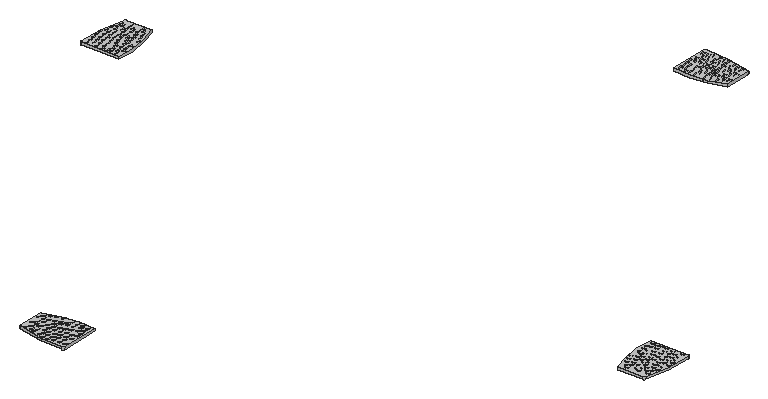
Revit family "PS-C63RT z", category Generic Models, host Ceiling, Revit 2016
Family settings
  Host = Ceiling
  Part Type = Normal
  Can host rebar = No
  Round Connector Dimension = Use Diameter
  Work Plane-Based = No
  Always vertical = Yes
  Cut with Voids When Loaded = No
  Shared = No
  Room Calculation Point = No
Parameters (values of type "Default")
  Width = "9.13"
  Weight Product = "9.38"
  Weight Dimensional = "16.18"
  Speaker Data Link = "https://www.sonance.com/assets/media/files/downloads/PS_C63RT_030447.gll"
  Sensitivity = "91"
  SPL Max = "108"
  Regulatory Compliance = "UL 1480, UL 2043, NFPA 90A, NFPA 70"
  Product Page URL = "https://www.sonance.com/professionalseries/psc63rt"
  Product Documentation Link = "https://www.sonance.com/assets/media/files/downloads/Pro_Series_Spec_Sheet_No_Pricing_040802.pdf"
  Power Peak = "120"
  Power Handling = "120"
  Part Number = "40131"
  Model = "PS-C63RT"
  Manufacturer URL = "https://www.sonance.com"
  Manufacturer = "Sonance"
  Low-Frequency Driver = "6.5” (165mm) Polypropylene Cone, Butyl Rubber Surround"
  Knockout = "one, side-mounted 0.75\""
  Input Connector = "Four pin Euroblock with loop output connections"
  Impedance = "8"
  High-Frequency Driver = "1” (25mm) Cloth Dome, Pivoting, Ferrofluid cooled"
  Height = "9.13"
  Grille = "Supplied with bezel-less white grille. Optional black grille, or square adapter with black or white grille"
  Frequency Range (-3dB) = "65Hz-20kHz"
  Frequency Range (-10dB) = "49Hz-25kHz"
  Directivity Factor (Q) = "6.5"
  Directivity (DI) = "7.9"
  Description = "6.5\" 2-way Round In-ceiling Speaker with 70V/100V transformer for commercial applications"
  Depth = "8.86"
  Coverage Vertical = "120"
  Coverage Horizontal = "120"
  70V Taps = "7.5, 15, 30, 60"
  100V Taps = "15, 30, 60"
Reference planes (in)
  plane 1 "Center (Front/Back)": y = 0
  plane 2 "Ceiling": z = 96
  plane 3 "Center (Left/Right)": x = 0
  plane 4 "a": z = 96.75591
Forms (in)
  Extrusion 1, solid, material "192-192-192-0-0.400000005960464_(1)"
    sketch origin (-0.53367, -0.0359, 96.75591) x (-0.139173, 0.990268, 0) y (-0.990268, -0.139173, 0)
      loop
        line (-3.49586, 1.10038) -> (-3.77918, 1.1402)
        arc (-3.77918, 1.1402) -> (-3.79607, 1.13774) -> (-3.8065, 1.12423) r 0.02274
        arc (-3.8065, 1.12423) -> (-3.90086, 0.87131) -> (-3.95126, 0.6061) r 1.59618
        arc (-3.95126, 0.6061) -> (-3.94934, 0.58863) -> (-3.93554, 0.57775) r 0.02274
        line (-3.93554, 0.57775) -> (-3.49658, 0.51605)
        arc (-3.49658, 0.51605) -> (-3.45664, 0.80817) -> (-3.49586, 1.10038) r 1.09806
      loop
        line (-3.86102, 0.84031) -> (-3.88604, 0.87071) -> (-3.89986, 0.83385) -> (-3.86102, 0.84031)
      loop
        line (-3.86444, 0.77812) -> (-3.88946, 0.80852) -> (-3.90328, 0.77166) -> (-3.86444, 0.77812)
      loop
        line (-3.86431, 0.71788) -> (-3.88933, 0.74828) -> (-3.90314, 0.71142) -> (-3.86431, 0.71788)
      loop
        line (-3.86153, 0.65524) -> (-3.88654, 0.68563) -> (-3.90036, 0.64877) -> (-3.86153, 0.65524)
      loop
        line (-3.86495, 0.59304) -> (-3.88996, 0.62344) -> (-3.90378, 0.58658) -> (-3.86495, 0.59304)
      loop
        line (-3.79006, 0.87065) -> (-3.81508, 0.90105) -> (-3.8289, 0.86419) -> (-3.79006, 0.87065)
      loop
        line (-3.80409, 0.81666) -> (-3.82911, 0.84706) -> (-3.84293, 0.81019) -> (-3.80409, 0.81666)
      loop
        line (-3.80751, 0.75447) -> (-3.83253, 0.78487) -> (-3.84635, 0.748) -> (-3.80751, 0.75447)
      loop
        line (-3.80738, 0.69423) -> (-3.8324, 0.72463) -> (-3.84622, 0.68776) -> (-3.80738, 0.69423)
      loop
        line (-3.8046, 0.63158) -> (-3.82962, 0.66198) -> (-3.84343, 0.62511) -> (-3.8046, 0.63158)
      loop
        line (-3.73955, 0.88841) -> (-3.76457, 0.91881) -> (-3.77838, 0.88195) -> (-3.73955, 0.88841)
      loop
        line (-3.7496, 0.83508) -> (-3.77462, 0.86548) -> (-3.78843, 0.82862) -> (-3.7496, 0.83508)
      loop
        line (-3.75302, 0.77289) -> (-3.77804, 0.80329) -> (-3.79185, 0.76643) -> (-3.75302, 0.77289)
      loop
        line (-3.75289, 0.71265) -> (-3.7779, 0.74305) -> (-3.79172, 0.70619) -> (-3.75289, 0.71265)
      loop
        line (-3.7501, 0.65) -> (-3.77512, 0.6804) -> (-3.78894, 0.64354) -> (-3.7501, 0.65)
      loop
        line (-3.75352, 0.58781) -> (-3.77854, 0.61821) -> (-3.79236, 0.58135) -> (-3.75352, 0.58781)
      loop
        line (-3.68171, 0.87157) -> (-3.70673, 0.90197) -> (-3.72055, 0.86511) -> (-3.68171, 0.87157)
      loop
        line (-3.69013, 0.8097) -> (-3.71515, 0.8401) -> (-3.72896, 0.80323) -> (-3.69013, 0.8097)
      loop
        line (-3.68973, 0.74492) -> (-3.71475, 0.77532) -> (-3.72856, 0.73845) -> (-3.68973, 0.74492)
      loop
        line (-3.68451, 0.68123) -> (-3.70952, 0.71163) -> (-3.72334, 0.67476) -> (-3.68451, 0.68123)
      loop
        line (-3.69318, 0.62635) -> (-3.7182, 0.65675) -> (-3.73201, 0.61988) -> (-3.69318, 0.62635)
      loop
        line (-3.62903, 0.90294) -> (-3.65405, 0.93334) -> (-3.66787, 0.89647) -> (-3.62903, 0.90294)
      loop
        line (-3.63999, 0.84279) -> (-3.66501, 0.87319) -> (-3.67883, 0.83632) -> (-3.63999, 0.84279)
      loop
        line (-3.63736, 0.78951) -> (-3.66238, 0.81991) -> (-3.6762, 0.78304) -> (-3.63736, 0.78951)
      loop
        line (-3.6261, 0.73473) -> (-3.65112, 0.76512) -> (-3.66493, 0.72826) -> (-3.6261, 0.73473)
      loop
        line (-3.61132, 0.6788) -> (-3.63634, 0.7092) -> (-3.65015, 0.67234) -> (-3.61132, 0.6788)
      loop
        line (-3.60578, 0.61611) -> (-3.6308, 0.64651) -> (-3.64462, 0.60965) -> (-3.60578, 0.61611)
      loop
        line (-3.59524, 0.8671) -> (-3.62026, 0.8975) -> (-3.63407, 0.86064) -> (-3.59524, 0.8671)
      loop
        line (-3.56947, 0.81177) -> (-3.59449, 0.84217) -> (-3.60831, 0.80531) -> (-3.56947, 0.81177)
      loop
        line (-3.55753, 0.75031) -> (-3.58255, 0.78071) -> (-3.59637, 0.74384) -> (-3.55753, 0.75031)
      loop
        line (-3.5459, 0.68785) -> (-3.57092, 0.71825) -> (-3.58474, 0.68138) -> (-3.5459, 0.68785)
      loop
        line (-3.53948, 0.61586) -> (-3.56691, 0.64919) -> (-3.58206, 0.60877) -> (-3.53948, 0.61586)
      loop
        line (-3.54954, 1.06351) -> (-3.57456, 1.09391) -> (-3.58838, 1.05705) -> (-3.54954, 1.06351)
      loop
        line (-3.5605, 1.00337) -> (-3.58552, 1.03377) -> (-3.59934, 0.9969) -> (-3.5605, 1.00337)
      loop
        line (-3.55788, 0.95009) -> (-3.58289, 0.98048) -> (-3.59671, 0.94362) -> (-3.55788, 0.95009)
      loop
        line (-3.54661, 0.8953) -> (-3.57163, 0.9257) -> (-3.58544, 0.88884) -> (-3.54661, 0.8953)
      loop
        line (-3.53183, 0.83938) -> (-3.55685, 0.86978) -> (-3.57066, 0.83291) -> (-3.53183, 0.83938)
      loop
        line (-3.52629, 0.77669) -> (-3.55131, 0.80709) -> (-3.56513, 0.77022) -> (-3.52629, 0.77669)
      loop
        line (-3.51575, 1.02768) -> (-3.54077, 1.05808) -> (-3.55458, 1.02121) -> (-3.51575, 1.02768)
      loop
        line (-3.48998, 0.97235) -> (-3.515, 1.00275) -> (-3.52882, 0.96588) -> (-3.48998, 0.97235)
      loop
        line (-3.47804, 0.91089) -> (-3.50306, 0.94129) -> (-3.51688, 0.90442) -> (-3.47804, 0.91089)
      loop
        line (-3.46641, 0.84842) -> (-3.49143, 0.87882) -> (-3.50525, 0.84196) -> (-3.46641, 0.84842)
      loop
        line (-3.66945, 1.06351) -> (-3.69447, 1.09391) -> (-3.70829, 1.05705) -> (-3.66945, 1.06351)
      loop
        line (-3.68041, 1.00337) -> (-3.70543, 1.03377) -> (-3.71924, 0.9969) -> (-3.68041, 1.00337)
      loop
        line (-3.67163, 0.93932) -> (-3.69665, 0.96972) -> (-3.71047, 0.93285) -> (-3.67163, 0.93932)
      loop
        line (-3.63566, 1.02768) -> (-3.66067, 1.05808) -> (-3.67449, 1.02121) -> (-3.63566, 1.02768)
      loop
        line (-3.60989, 0.97235) -> (-3.63491, 1.00275) -> (-3.64873, 0.96588) -> (-3.60989, 0.97235)
      loop
        line (-3.7685, 1.06351) -> (-3.79352, 1.09391) -> (-3.80734, 1.05705) -> (-3.7685, 1.06351)
      loop
        line (-3.77946, 1.00337) -> (-3.80448, 1.03377) -> (-3.8183, 0.9969) -> (-3.77946, 1.00337)
      loop
        line (-3.763, 0.94547) -> (-3.78801, 0.97587) -> (-3.80183, 0.939) -> (-3.763, 0.94547)
      loop
        line (-3.73471, 1.02768) -> (-3.75973, 1.05808) -> (-3.77355, 1.02121) -> (-3.73471, 1.02768)
      loop
        line (-3.70895, 0.97235) -> (-3.73396, 1.00275) -> (-3.74778, 0.96588) -> (-3.70895, 0.97235)
      loop
        line (-3.48679, 0.74001) -> (-3.51181, 0.77041) -> (-3.52562, 0.73354) -> (-3.48679, 0.74001)
      loop
        line (-3.49775, 0.67986) -> (-3.52277, 0.71026) -> (-3.53658, 0.67339) -> (-3.49775, 0.67986)
      loop
        line (-3.49512, 0.62658) -> (-3.52014, 0.65698) -> (-3.53396, 0.62011) -> (-3.49512, 0.62658)
      loop
        line (-3.68476, 0.57161) -> (-3.70978, 0.60201) -> (-3.7236, 0.56514) -> (-3.68476, 0.57161)
      loop
        line (-3.62702, 0.56198) -> (-3.65204, 0.59238) -> (-3.66586, 0.55551) -> (-3.62702, 0.56198)
      loop
        line (-3.58025, 0.56977) -> (-3.60527, 0.60017) -> (-3.61909, 0.5633) -> (-3.58025, 0.56977)
      loop
        line (-3.52242, 0.5593) -> (-3.54744, 0.5897) -> (-3.56126, 0.55284) -> (-3.52242, 0.5593)
      loop
        line (-3.82985, 0.89057) -> (-3.85487, 0.92097) -> (-3.86869, 0.8841) -> (-3.82985, 0.89057)
      loop
        line (-3.81355, 0.96385) -> (-3.83857, 0.99425) -> (-3.85239, 0.95738) -> (-3.81355, 0.96385)
    from 0.63976 to 0.66455
  Extrusion 2, solid, material "192-192-192-0-0.400000005960464_(1)"
    sketch origin (0.03699, -0.53359, 96.75591) x (-0.989981, -0.141199, 0) y (0.141199, -0.989981, 0)
      loop
        line (-3.49586, 1.10038) -> (-3.77918, 1.1402)
        arc (-3.77918, 1.1402) -> (-3.79607, 1.13774) -> (-3.8065, 1.12423) r 0.02274
        arc (-3.8065, 1.12423) -> (-3.90086, 0.87131) -> (-3.95126, 0.6061) r 1.59618
        arc (-3.95126, 0.6061) -> (-3.94934, 0.58863) -> (-3.93554, 0.57775) r 0.02274
        line (-3.93554, 0.57775) -> (-3.49658, 0.51605)
        arc (-3.49658, 0.51605) -> (-3.45664, 0.80817) -> (-3.49586, 1.10038) r 1.09806
      loop
        line (-3.86102, 0.84031) -> (-3.88604, 0.87071) -> (-3.89986, 0.83385) -> (-3.86102, 0.84031)
      loop
        line (-3.86444, 0.77812) -> (-3.88946, 0.80852) -> (-3.90328, 0.77166) -> (-3.86444, 0.77812)
      loop
        line (-3.86431, 0.71788) -> (-3.88933, 0.74828) -> (-3.90314, 0.71142) -> (-3.86431, 0.71788)
      loop
        line (-3.86153, 0.65524) -> (-3.88654, 0.68563) -> (-3.90036, 0.64877) -> (-3.86153, 0.65524)
      loop
        line (-3.86495, 0.59304) -> (-3.88996, 0.62344) -> (-3.90378, 0.58658) -> (-3.86495, 0.59304)
      loop
        line (-3.79006, 0.87065) -> (-3.81508, 0.90105) -> (-3.8289, 0.86419) -> (-3.79006, 0.87065)
      loop
        line (-3.80409, 0.81666) -> (-3.82911, 0.84706) -> (-3.84293, 0.81019) -> (-3.80409, 0.81666)
      loop
        line (-3.80751, 0.75447) -> (-3.83253, 0.78487) -> (-3.84635, 0.748) -> (-3.80751, 0.75447)
      loop
        line (-3.80738, 0.69423) -> (-3.8324, 0.72463) -> (-3.84622, 0.68776) -> (-3.80738, 0.69423)
      loop
        line (-3.8046, 0.63158) -> (-3.82962, 0.66198) -> (-3.84343, 0.62511) -> (-3.8046, 0.63158)
      loop
        line (-3.73955, 0.88841) -> (-3.76457, 0.91881) -> (-3.77838, 0.88195) -> (-3.73955, 0.88841)
      loop
        line (-3.7496, 0.83508) -> (-3.77462, 0.86548) -> (-3.78843, 0.82862) -> (-3.7496, 0.83508)
      loop
        line (-3.75302, 0.77289) -> (-3.77804, 0.80329) -> (-3.79185, 0.76643) -> (-3.75302, 0.77289)
      loop
        line (-3.75289, 0.71265) -> (-3.7779, 0.74305) -> (-3.79172, 0.70619) -> (-3.75289, 0.71265)
      loop
        line (-3.7501, 0.65) -> (-3.77512, 0.6804) -> (-3.78894, 0.64354) -> (-3.7501, 0.65)
      loop
        line (-3.75352, 0.58781) -> (-3.77854, 0.61821) -> (-3.79236, 0.58135) -> (-3.75352, 0.58781)
      loop
        line (-3.68171, 0.87157) -> (-3.70673, 0.90197) -> (-3.72055, 0.86511) -> (-3.68171, 0.87157)
      loop
        line (-3.69013, 0.8097) -> (-3.71515, 0.8401) -> (-3.72896, 0.80323) -> (-3.69013, 0.8097)
      loop
        line (-3.68973, 0.74492) -> (-3.71475, 0.77532) -> (-3.72856, 0.73845) -> (-3.68973, 0.74492)
      loop
        line (-3.68451, 0.68123) -> (-3.70952, 0.71163) -> (-3.72334, 0.67476) -> (-3.68451, 0.68123)
      loop
        line (-3.69318, 0.62635) -> (-3.7182, 0.65675) -> (-3.73201, 0.61988) -> (-3.69318, 0.62635)
      loop
        line (-3.62903, 0.90294) -> (-3.65405, 0.93334) -> (-3.66787, 0.89647) -> (-3.62903, 0.90294)
      loop
        line (-3.63999, 0.84279) -> (-3.66501, 0.87319) -> (-3.67883, 0.83632) -> (-3.63999, 0.84279)
      loop
        line (-3.63736, 0.78951) -> (-3.66238, 0.81991) -> (-3.6762, 0.78304) -> (-3.63736, 0.78951)
      loop
        line (-3.6261, 0.73473) -> (-3.65112, 0.76512) -> (-3.66493, 0.72826) -> (-3.6261, 0.73473)
      loop
        line (-3.61132, 0.6788) -> (-3.63634, 0.7092) -> (-3.65015, 0.67234) -> (-3.61132, 0.6788)
      loop
        line (-3.60578, 0.61611) -> (-3.6308, 0.64651) -> (-3.64462, 0.60965) -> (-3.60578, 0.61611)
      loop
        line (-3.59524, 0.8671) -> (-3.62026, 0.8975) -> (-3.63407, 0.86064) -> (-3.59524, 0.8671)
      loop
        line (-3.56947, 0.81177) -> (-3.59449, 0.84217) -> (-3.60831, 0.80531) -> (-3.56947, 0.81177)
      loop
        line (-3.55753, 0.75031) -> (-3.58255, 0.78071) -> (-3.59637, 0.74384) -> (-3.55753, 0.75031)
      loop
        line (-3.5459, 0.68785) -> (-3.57092, 0.71825) -> (-3.58474, 0.68138) -> (-3.5459, 0.68785)
      loop
        line (-3.53948, 0.61586) -> (-3.56691, 0.64919) -> (-3.58206, 0.60877) -> (-3.53948, 0.61586)
      loop
        line (-3.54954, 1.06351) -> (-3.57456, 1.09391) -> (-3.58838, 1.05705) -> (-3.54954, 1.06351)
      loop
        line (-3.5605, 1.00337) -> (-3.58552, 1.03377) -> (-3.59934, 0.9969) -> (-3.5605, 1.00337)
      loop
        line (-3.55788, 0.95009) -> (-3.58289, 0.98048) -> (-3.59671, 0.94362) -> (-3.55788, 0.95009)
      loop
        line (-3.54661, 0.8953) -> (-3.57163, 0.9257) -> (-3.58544, 0.88884) -> (-3.54661, 0.8953)
      loop
        line (-3.53183, 0.83938) -> (-3.55685, 0.86978) -> (-3.57066, 0.83291) -> (-3.53183, 0.83938)
      loop
        line (-3.52629, 0.77669) -> (-3.55131, 0.80709) -> (-3.56513, 0.77022) -> (-3.52629, 0.77669)
      loop
        line (-3.51575, 1.02768) -> (-3.54077, 1.05808) -> (-3.55458, 1.02121) -> (-3.51575, 1.02768)
      loop
        line (-3.48998, 0.97235) -> (-3.515, 1.00275) -> (-3.52882, 0.96588) -> (-3.48998, 0.97235)
      loop
        line (-3.47804, 0.91089) -> (-3.50306, 0.94129) -> (-3.51688, 0.90442) -> (-3.47804, 0.91089)
      loop
        line (-3.46641, 0.84842) -> (-3.49143, 0.87882) -> (-3.50525, 0.84196) -> (-3.46641, 0.84842)
      loop
        line (-3.66945, 1.06351) -> (-3.69447, 1.09391) -> (-3.70829, 1.05705) -> (-3.66945, 1.06351)
      loop
        line (-3.68041, 1.00337) -> (-3.70543, 1.03377) -> (-3.71924, 0.9969) -> (-3.68041, 1.00337)
      loop
        line (-3.67163, 0.93932) -> (-3.69665, 0.96972) -> (-3.71047, 0.93285) -> (-3.67163, 0.93932)
      loop
        line (-3.63566, 1.02768) -> (-3.66067, 1.05808) -> (-3.67449, 1.02121) -> (-3.63566, 1.02768)
      loop
        line (-3.60989, 0.97235) -> (-3.63491, 1.00275) -> (-3.64873, 0.96588) -> (-3.60989, 0.97235)
      loop
        line (-3.7685, 1.06351) -> (-3.79352, 1.09391) -> (-3.80734, 1.05705) -> (-3.7685, 1.06351)
      loop
        line (-3.77946, 1.00337) -> (-3.80448, 1.03377) -> (-3.8183, 0.9969) -> (-3.77946, 1.00337)
      loop
        line (-3.763, 0.94547) -> (-3.78801, 0.97587) -> (-3.80183, 0.939) -> (-3.763, 0.94547)
      loop
        line (-3.73471, 1.02768) -> (-3.75973, 1.05808) -> (-3.77355, 1.02121) -> (-3.73471, 1.02768)
      loop
        line (-3.70895, 0.97235) -> (-3.73396, 1.00275) -> (-3.74778, 0.96588) -> (-3.70895, 0.97235)
      loop
        line (-3.48679, 0.74001) -> (-3.51181, 0.77041) -> (-3.52562, 0.73354) -> (-3.48679, 0.74001)
      loop
        line (-3.49775, 0.67986) -> (-3.52277, 0.71026) -> (-3.53658, 0.67339) -> (-3.49775, 0.67986)
      loop
        line (-3.49512, 0.62658) -> (-3.52014, 0.65698) -> (-3.53396, 0.62011) -> (-3.49512, 0.62658)
      loop
        line (-3.68476, 0.57161) -> (-3.70978, 0.60201) -> (-3.7236, 0.56514) -> (-3.68476, 0.57161)
      loop
        line (-3.62702, 0.56198) -> (-3.65204, 0.59238) -> (-3.66586, 0.55551) -> (-3.62702, 0.56198)
      loop
        line (-3.58025, 0.56977) -> (-3.60527, 0.60017) -> (-3.61909, 0.5633) -> (-3.58025, 0.56977)
      loop
        line (-3.52242, 0.5593) -> (-3.54744, 0.5897) -> (-3.56126, 0.55284) -> (-3.52242, 0.5593)
      loop
        line (-3.82985, 0.89057) -> (-3.85487, 0.92097) -> (-3.86869, 0.8841) -> (-3.82985, 0.89057)
      loop
        line (-3.81355, 0.96385) -> (-3.83857, 0.99425) -> (-3.85239, 0.95738) -> (-3.81355, 0.96385)
    from 0.63976 to 0.66455
  Extrusion 3, solid, material "192-192-192-0-0.400000005960464_(1)"
    sketch origin (0.53355, 0.03767, 96.75591) x (0.14245, -0.989802, 0) y (0.989802, 0.14245, 0)
      loop
        line (-3.49586, 1.10038) -> (-3.77918, 1.1402)
        arc (-3.77918, 1.1402) -> (-3.79607, 1.13774) -> (-3.8065, 1.12423) r 0.02274
        arc (-3.8065, 1.12423) -> (-3.90086, 0.87131) -> (-3.95126, 0.6061) r 1.59618
        arc (-3.95126, 0.6061) -> (-3.94934, 0.58863) -> (-3.93554, 0.57775) r 0.02274
        line (-3.93554, 0.57775) -> (-3.49658, 0.51605)
        arc (-3.49658, 0.51605) -> (-3.45664, 0.80817) -> (-3.49586, 1.10038) r 1.09806
      loop
        line (-3.86102, 0.84031) -> (-3.88604, 0.87071) -> (-3.89986, 0.83385) -> (-3.86102, 0.84031)
      loop
        line (-3.86444, 0.77812) -> (-3.88946, 0.80852) -> (-3.90328, 0.77166) -> (-3.86444, 0.77812)
      loop
        line (-3.86431, 0.71788) -> (-3.88933, 0.74828) -> (-3.90314, 0.71142) -> (-3.86431, 0.71788)
      loop
        line (-3.86153, 0.65524) -> (-3.88654, 0.68563) -> (-3.90036, 0.64877) -> (-3.86153, 0.65524)
      loop
        line (-3.86495, 0.59304) -> (-3.88996, 0.62344) -> (-3.90378, 0.58658) -> (-3.86495, 0.59304)
      loop
        line (-3.79006, 0.87065) -> (-3.81508, 0.90105) -> (-3.8289, 0.86419) -> (-3.79006, 0.87065)
      loop
        line (-3.80409, 0.81666) -> (-3.82911, 0.84706) -> (-3.84293, 0.81019) -> (-3.80409, 0.81666)
      loop
        line (-3.80751, 0.75447) -> (-3.83253, 0.78487) -> (-3.84635, 0.748) -> (-3.80751, 0.75447)
      loop
        line (-3.80738, 0.69423) -> (-3.8324, 0.72463) -> (-3.84622, 0.68776) -> (-3.80738, 0.69423)
      loop
        line (-3.8046, 0.63158) -> (-3.82962, 0.66198) -> (-3.84343, 0.62511) -> (-3.8046, 0.63158)
      loop
        line (-3.73955, 0.88841) -> (-3.76457, 0.91881) -> (-3.77838, 0.88195) -> (-3.73955, 0.88841)
      loop
        line (-3.7496, 0.83508) -> (-3.77462, 0.86548) -> (-3.78843, 0.82862) -> (-3.7496, 0.83508)
      loop
        line (-3.75302, 0.77289) -> (-3.77804, 0.80329) -> (-3.79185, 0.76643) -> (-3.75302, 0.77289)
      loop
        line (-3.75289, 0.71265) -> (-3.7779, 0.74305) -> (-3.79172, 0.70619) -> (-3.75289, 0.71265)
      loop
        line (-3.7501, 0.65) -> (-3.77512, 0.6804) -> (-3.78894, 0.64354) -> (-3.7501, 0.65)
      loop
        line (-3.75352, 0.58781) -> (-3.77854, 0.61821) -> (-3.79236, 0.58135) -> (-3.75352, 0.58781)
      loop
        line (-3.68171, 0.87157) -> (-3.70673, 0.90197) -> (-3.72055, 0.86511) -> (-3.68171, 0.87157)
      loop
        line (-3.69013, 0.8097) -> (-3.71515, 0.8401) -> (-3.72896, 0.80323) -> (-3.69013, 0.8097)
      loop
        line (-3.68973, 0.74492) -> (-3.71475, 0.77532) -> (-3.72856, 0.73845) -> (-3.68973, 0.74492)
      loop
        line (-3.68451, 0.68123) -> (-3.70952, 0.71163) -> (-3.72334, 0.67476) -> (-3.68451, 0.68123)
      loop
        line (-3.69318, 0.62635) -> (-3.7182, 0.65675) -> (-3.73201, 0.61988) -> (-3.69318, 0.62635)
      loop
        line (-3.62903, 0.90294) -> (-3.65405, 0.93334) -> (-3.66787, 0.89647) -> (-3.62903, 0.90294)
      loop
        line (-3.63999, 0.84279) -> (-3.66501, 0.87319) -> (-3.67883, 0.83632) -> (-3.63999, 0.84279)
      loop
        line (-3.63736, 0.78951) -> (-3.66238, 0.81991) -> (-3.6762, 0.78304) -> (-3.63736, 0.78951)
      loop
        line (-3.6261, 0.73473) -> (-3.65112, 0.76512) -> (-3.66493, 0.72826) -> (-3.6261, 0.73473)
      loop
        line (-3.61132, 0.6788) -> (-3.63634, 0.7092) -> (-3.65015, 0.67234) -> (-3.61132, 0.6788)
      loop
        line (-3.60578, 0.61611) -> (-3.6308, 0.64651) -> (-3.64462, 0.60965) -> (-3.60578, 0.61611)
      loop
        line (-3.59524, 0.8671) -> (-3.62026, 0.8975) -> (-3.63407, 0.86064) -> (-3.59524, 0.8671)
      loop
        line (-3.56947, 0.81177) -> (-3.59449, 0.84217) -> (-3.60831, 0.80531) -> (-3.56947, 0.81177)
      loop
        line (-3.55753, 0.75031) -> (-3.58255, 0.78071) -> (-3.59637, 0.74384) -> (-3.55753, 0.75031)
      loop
        line (-3.5459, 0.68785) -> (-3.57092, 0.71825) -> (-3.58474, 0.68138) -> (-3.5459, 0.68785)
      loop
        line (-3.53948, 0.61586) -> (-3.56691, 0.64919) -> (-3.58206, 0.60877) -> (-3.53948, 0.61586)
      loop
        line (-3.54954, 1.06351) -> (-3.57456, 1.09391) -> (-3.58838, 1.05705) -> (-3.54954, 1.06351)
      loop
        line (-3.5605, 1.00337) -> (-3.58552, 1.03377) -> (-3.59934, 0.9969) -> (-3.5605, 1.00337)
      loop
        line (-3.55788, 0.95009) -> (-3.58289, 0.98048) -> (-3.59671, 0.94362) -> (-3.55788, 0.95009)
      loop
        line (-3.54661, 0.8953) -> (-3.57163, 0.9257) -> (-3.58544, 0.88884) -> (-3.54661, 0.8953)
      loop
        line (-3.53183, 0.83938) -> (-3.55685, 0.86978) -> (-3.57066, 0.83291) -> (-3.53183, 0.83938)
      loop
        line (-3.52629, 0.77669) -> (-3.55131, 0.80709) -> (-3.56513, 0.77022) -> (-3.52629, 0.77669)
      loop
        line (-3.51575, 1.02768) -> (-3.54077, 1.05808) -> (-3.55458, 1.02121) -> (-3.51575, 1.02768)
      loop
        line (-3.48998, 0.97235) -> (-3.515, 1.00275) -> (-3.52882, 0.96588) -> (-3.48998, 0.97235)
      loop
        line (-3.47804, 0.91089) -> (-3.50306, 0.94129) -> (-3.51688, 0.90442) -> (-3.47804, 0.91089)
      loop
        line (-3.46641, 0.84842) -> (-3.49143, 0.87882) -> (-3.50525, 0.84196) -> (-3.46641, 0.84842)
      loop
        line (-3.66945, 1.06351) -> (-3.69447, 1.09391) -> (-3.70829, 1.05705) -> (-3.66945, 1.06351)
      loop
        line (-3.68041, 1.00337) -> (-3.70543, 1.03377) -> (-3.71924, 0.9969) -> (-3.68041, 1.00337)
      loop
        line (-3.67163, 0.93932) -> (-3.69665, 0.96972) -> (-3.71047, 0.93285) -> (-3.67163, 0.93932)
      loop
        line (-3.63566, 1.02768) -> (-3.66067, 1.05808) -> (-3.67449, 1.02121) -> (-3.63566, 1.02768)
      loop
        line (-3.60989, 0.97235) -> (-3.63491, 1.00275) -> (-3.64873, 0.96588) -> (-3.60989, 0.97235)
      loop
        line (-3.7685, 1.06351) -> (-3.79352, 1.09391) -> (-3.80734, 1.05705) -> (-3.7685, 1.06351)
      loop
        line (-3.77946, 1.00337) -> (-3.80448, 1.03377) -> (-3.8183, 0.9969) -> (-3.77946, 1.00337)
      loop
        line (-3.763, 0.94547) -> (-3.78801, 0.97587) -> (-3.80183, 0.939) -> (-3.763, 0.94547)
      loop
        line (-3.73471, 1.02768) -> (-3.75973, 1.05808) -> (-3.77355, 1.02121) -> (-3.73471, 1.02768)
      loop
        line (-3.70895, 0.97235) -> (-3.73396, 1.00275) -> (-3.74778, 0.96588) -> (-3.70895, 0.97235)
      loop
        line (-3.48679, 0.74001) -> (-3.51181, 0.77041) -> (-3.52562, 0.73354) -> (-3.48679, 0.74001)
      loop
        line (-3.49775, 0.67986) -> (-3.52277, 0.71026) -> (-3.53658, 0.67339) -> (-3.49775, 0.67986)
      loop
        line (-3.49512, 0.62658) -> (-3.52014, 0.65698) -> (-3.53396, 0.62011) -> (-3.49512, 0.62658)
      loop
        line (-3.68476, 0.57161) -> (-3.70978, 0.60201) -> (-3.7236, 0.56514) -> (-3.68476, 0.57161)
      loop
        line (-3.62702, 0.56198) -> (-3.65204, 0.59238) -> (-3.66586, 0.55551) -> (-3.62702, 0.56198)
      loop
        line (-3.58025, 0.56977) -> (-3.60527, 0.60017) -> (-3.61909, 0.5633) -> (-3.58025, 0.56977)
      loop
        line (-3.52242, 0.5593) -> (-3.54744, 0.5897) -> (-3.56126, 0.55284) -> (-3.52242, 0.5593)
      loop
        line (-3.82985, 0.89057) -> (-3.85487, 0.92097) -> (-3.86869, 0.8841) -> (-3.82985, 0.89057)
      loop
        line (-3.81355, 0.96385) -> (-3.83857, 0.99425) -> (-3.85239, 0.95738) -> (-3.81355, 0.96385)
    from 0.63976 to 0.66455
  Extrusion 4, solid, material "192-192-192-0-0.400000005960464_(1)"
    sketch origin (-0.03686, 0.5336, 96.75591) x (0.990017, 0.140945, 0) y (-0.140945, 0.990017, 0)
      loop
        line (-3.49586, 1.10038) -> (-3.77918, 1.1402)
        arc (-3.77918, 1.1402) -> (-3.79607, 1.13774) -> (-3.8065, 1.12423) r 0.02274
        arc (-3.8065, 1.12423) -> (-3.90086, 0.87131) -> (-3.95126, 0.6061) r 1.59618
        arc (-3.95126, 0.6061) -> (-3.94934, 0.58863) -> (-3.93554, 0.57775) r 0.02274
        line (-3.93554, 0.57775) -> (-3.49658, 0.51605)
        arc (-3.49658, 0.51605) -> (-3.45664, 0.80817) -> (-3.49586, 1.10038) r 1.09806
      loop
        line (-3.86102, 0.84031) -> (-3.88604, 0.87071) -> (-3.89986, 0.83385) -> (-3.86102, 0.84031)
      loop
        line (-3.86444, 0.77812) -> (-3.88946, 0.80852) -> (-3.90328, 0.77166) -> (-3.86444, 0.77812)
      loop
        line (-3.86431, 0.71788) -> (-3.88933, 0.74828) -> (-3.90314, 0.71142) -> (-3.86431, 0.71788)
      loop
        line (-3.86153, 0.65524) -> (-3.88654, 0.68563) -> (-3.90036, 0.64877) -> (-3.86153, 0.65524)
      loop
        line (-3.86495, 0.59304) -> (-3.88996, 0.62344) -> (-3.90378, 0.58658) -> (-3.86495, 0.59304)
      loop
        line (-3.79006, 0.87065) -> (-3.81508, 0.90105) -> (-3.8289, 0.86419) -> (-3.79006, 0.87065)
      loop
        line (-3.80409, 0.81666) -> (-3.82911, 0.84706) -> (-3.84293, 0.81019) -> (-3.80409, 0.81666)
      loop
        line (-3.80751, 0.75447) -> (-3.83253, 0.78487) -> (-3.84635, 0.748) -> (-3.80751, 0.75447)
      loop
        line (-3.80738, 0.69423) -> (-3.8324, 0.72463) -> (-3.84622, 0.68776) -> (-3.80738, 0.69423)
      loop
        line (-3.8046, 0.63158) -> (-3.82962, 0.66198) -> (-3.84343, 0.62511) -> (-3.8046, 0.63158)
      loop
        line (-3.73955, 0.88841) -> (-3.76457, 0.91881) -> (-3.77838, 0.88195) -> (-3.73955, 0.88841)
      loop
        line (-3.7496, 0.83508) -> (-3.77462, 0.86548) -> (-3.78843, 0.82862) -> (-3.7496, 0.83508)
      loop
        line (-3.75302, 0.77289) -> (-3.77804, 0.80329) -> (-3.79185, 0.76643) -> (-3.75302, 0.77289)
      loop
        line (-3.75289, 0.71265) -> (-3.7779, 0.74305) -> (-3.79172, 0.70619) -> (-3.75289, 0.71265)
      loop
        line (-3.7501, 0.65) -> (-3.77512, 0.6804) -> (-3.78894, 0.64354) -> (-3.7501, 0.65)
      loop
        line (-3.75352, 0.58781) -> (-3.77854, 0.61821) -> (-3.79236, 0.58135) -> (-3.75352, 0.58781)
      loop
        line (-3.68171, 0.87157) -> (-3.70673, 0.90197) -> (-3.72055, 0.86511) -> (-3.68171, 0.87157)
      loop
        line (-3.69013, 0.8097) -> (-3.71515, 0.8401) -> (-3.72896, 0.80323) -> (-3.69013, 0.8097)
      loop
        line (-3.68973, 0.74492) -> (-3.71475, 0.77532) -> (-3.72856, 0.73845) -> (-3.68973, 0.74492)
      loop
        line (-3.68451, 0.68123) -> (-3.70952, 0.71163) -> (-3.72334, 0.67476) -> (-3.68451, 0.68123)
      loop
        line (-3.69318, 0.62635) -> (-3.7182, 0.65675) -> (-3.73201, 0.61988) -> (-3.69318, 0.62635)
      loop
        line (-3.62903, 0.90294) -> (-3.65405, 0.93334) -> (-3.66787, 0.89647) -> (-3.62903, 0.90294)
      loop
        line (-3.63999, 0.84279) -> (-3.66501, 0.87319) -> (-3.67883, 0.83632) -> (-3.63999, 0.84279)
      loop
        line (-3.63736, 0.78951) -> (-3.66238, 0.81991) -> (-3.6762, 0.78304) -> (-3.63736, 0.78951)
      loop
        line (-3.6261, 0.73473) -> (-3.65112, 0.76512) -> (-3.66493, 0.72826) -> (-3.6261, 0.73473)
      loop
        line (-3.61132, 0.6788) -> (-3.63634, 0.7092) -> (-3.65015, 0.67234) -> (-3.61132, 0.6788)
      loop
        line (-3.60578, 0.61611) -> (-3.6308, 0.64651) -> (-3.64462, 0.60965) -> (-3.60578, 0.61611)
      loop
        line (-3.59524, 0.8671) -> (-3.62026, 0.8975) -> (-3.63407, 0.86064) -> (-3.59524, 0.8671)
      loop
        line (-3.56947, 0.81177) -> (-3.59449, 0.84217) -> (-3.60831, 0.80531) -> (-3.56947, 0.81177)
      loop
        line (-3.55753, 0.75031) -> (-3.58255, 0.78071) -> (-3.59637, 0.74384) -> (-3.55753, 0.75031)
      loop
        line (-3.5459, 0.68785) -> (-3.57092, 0.71825) -> (-3.58474, 0.68138) -> (-3.5459, 0.68785)
      loop
        line (-3.53948, 0.61586) -> (-3.56691, 0.64919) -> (-3.58206, 0.60877) -> (-3.53948, 0.61586)
      loop
        line (-3.54954, 1.06351) -> (-3.57456, 1.09391) -> (-3.58838, 1.05705) -> (-3.54954, 1.06351)
      loop
        line (-3.5605, 1.00337) -> (-3.58552, 1.03377) -> (-3.59934, 0.9969) -> (-3.5605, 1.00337)
      loop
        line (-3.55788, 0.95009) -> (-3.58289, 0.98048) -> (-3.59671, 0.94362) -> (-3.55788, 0.95009)
      loop
        line (-3.54661, 0.8953) -> (-3.57163, 0.9257) -> (-3.58544, 0.88884) -> (-3.54661, 0.8953)
      loop
        line (-3.53183, 0.83938) -> (-3.55685, 0.86978) -> (-3.57066, 0.83291) -> (-3.53183, 0.83938)
      loop
        line (-3.52629, 0.77669) -> (-3.55131, 0.80709) -> (-3.56513, 0.77022) -> (-3.52629, 0.77669)
      loop
        line (-3.51575, 1.02768) -> (-3.54077, 1.05808) -> (-3.55458, 1.02121) -> (-3.51575, 1.02768)
      loop
        line (-3.48998, 0.97235) -> (-3.515, 1.00275) -> (-3.52882, 0.96588) -> (-3.48998, 0.97235)
      loop
        line (-3.47804, 0.91089) -> (-3.50306, 0.94129) -> (-3.51688, 0.90442) -> (-3.47804, 0.91089)
      loop
        line (-3.46641, 0.84842) -> (-3.49143, 0.87882) -> (-3.50525, 0.84196) -> (-3.46641, 0.84842)
      loop
        line (-3.66945, 1.06351) -> (-3.69447, 1.09391) -> (-3.70829, 1.05705) -> (-3.66945, 1.06351)
      loop
        line (-3.68041, 1.00337) -> (-3.70543, 1.03377) -> (-3.71924, 0.9969) -> (-3.68041, 1.00337)
      loop
        line (-3.67163, 0.93932) -> (-3.69665, 0.96972) -> (-3.71047, 0.93285) -> (-3.67163, 0.93932)
      loop
        line (-3.63566, 1.02768) -> (-3.66067, 1.05808) -> (-3.67449, 1.02121) -> (-3.63566, 1.02768)
      loop
        line (-3.60989, 0.97235) -> (-3.63491, 1.00275) -> (-3.64873, 0.96588) -> (-3.60989, 0.97235)
      loop
        line (-3.7685, 1.06351) -> (-3.79352, 1.09391) -> (-3.80734, 1.05705) -> (-3.7685, 1.06351)
      loop
        line (-3.77946, 1.00337) -> (-3.80448, 1.03377) -> (-3.8183, 0.9969) -> (-3.77946, 1.00337)
      loop
        line (-3.763, 0.94547) -> (-3.78801, 0.97587) -> (-3.80183, 0.939) -> (-3.763, 0.94547)
      loop
        line (-3.73471, 1.02768) -> (-3.75973, 1.05808) -> (-3.77355, 1.02121) -> (-3.73471, 1.02768)
      loop
        line (-3.70895, 0.97235) -> (-3.73396, 1.00275) -> (-3.74778, 0.96588) -> (-3.70895, 0.97235)
      loop
        line (-3.48679, 0.74001) -> (-3.51181, 0.77041) -> (-3.52562, 0.73354) -> (-3.48679, 0.74001)
      loop
        line (-3.49775, 0.67986) -> (-3.52277, 0.71026) -> (-3.53658, 0.67339) -> (-3.49775, 0.67986)
      loop
        line (-3.49512, 0.62658) -> (-3.52014, 0.65698) -> (-3.53396, 0.62011) -> (-3.49512, 0.62658)
      loop
        line (-3.68476, 0.57161) -> (-3.70978, 0.60201) -> (-3.7236, 0.56514) -> (-3.68476, 0.57161)
      loop
        line (-3.62702, 0.56198) -> (-3.65204, 0.59238) -> (-3.66586, 0.55551) -> (-3.62702, 0.56198)
      loop
        line (-3.58025, 0.56977) -> (-3.60527, 0.60017) -> (-3.61909, 0.5633) -> (-3.58025, 0.56977)
      loop
        line (-3.52242, 0.5593) -> (-3.54744, 0.5897) -> (-3.56126, 0.55284) -> (-3.52242, 0.5593)
      loop
        line (-3.82985, 0.89057) -> (-3.85487, 0.92097) -> (-3.86869, 0.8841) -> (-3.82985, 0.89057)
      loop
        line (-3.81355, 0.96385) -> (-3.83857, 0.99425) -> (-3.85239, 0.95738) -> (-3.81355, 0.96385)
    from 0.63976 to 0.66455
Lines and regions (in)
  Opening 1
    outline origin (0, 0, 96) x (1, 0, 0) y (0, 1, 0)
      loop
        circle (0, 0) r 4.51679
Dimensions and locks (in)
  equal spacing: host sketch curve, plane 3 "Center (Left/Right)", host sketch curve
  equal spacing: host sketch curve, plane 1 "Center (Front/Back)", host sketch curve
  host sketch curve to host sketch curve = 120.000"  (x2)
